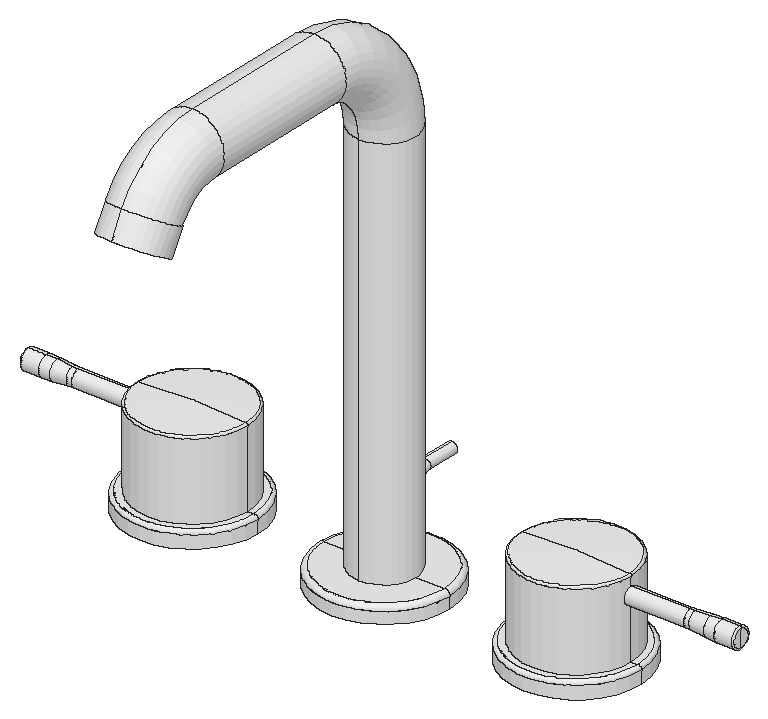
Revit family "Faucet-Lavatory-Grohe-Essence_New-20297_Series", category Plumbing Fixtures, Revit 2018
Family settings
  Round Connector Dimension = Use Diameter
  Part Type = Normal
  OmniClass Number = 23.45.55.17
  OmniClass Title = Mixing Faucets
  Work Plane-Based = Yes
  Always vertical = No
  Cut with Voids When Loaded = No
  Shared = Yes
  Room Calculation Point = No
Parameters (values of type "2029700A")
  cUPC Compliant = yes
  Waste Connection = no
  Warranty Information = "Limited Lifetime Warranty"  # constant formula
  Warranty Documentation Link = "https://cdn.cloud.grohe.com/tpi/1000/1900/1940/1949/1949006/original/1949006.pdf"
  WFU = 0
  Vent Connection = no
  URL = "https://www.grohe.us/"
  Revised Date = "26/05/2021"  # constant formula
  Product Page URL = "https://www.grohe.us/Widespread-Faucets/Essence-8-Inch-Widespread-Bathroom-Faucet-M-Size/GROHE-CHROME-2029700A"
  Product Documentation Link = "https://americanstandard.box.com/shared/static/fztvqxkycied6pqkmsgat6qdkszpqc3l.pdf"
  Price = "Prices may vary. Please consult Manufacturer Representative for most up-to-date price list."  # constant formula
  Model = "2029700A"
  Max. Working Pressure = "145 psi"  # constant formula
  Material = "Brass-Grohe-00A-StarLight Chrome"
  Manufacturer = "Grohe"
  Length = 4 1/2"  # constant formula
  Installation Type = "Deck-Mounted"
  Hot Water Connection Diameter = 1 1/4"  # constant formula
  Height = 7 5/8"  # constant formula
  Handle Distance Constraint [instance] = if(Handle Distance < 5 1/2", 5 1/2", if(Handle Distance > 22 1/2", 22 1/2", Handle Distance))  # 5 1/2"
  Handle Distance [instance] = 5 1/2"
  HWFU = 1.5  # constant formula
  HW Connection = yes
  Flow Rate = "1.2 gpm (4.56 L/min)"  # constant formula
  Finish = Brass-Grohe-00A-StarLight Chrome
  Description = "8-inch Widespread 2-Handle M-Size Bathroom Faucet 1.2 GPM"  # constant formula
  Default Elevation = 0"
  Creation Date = "01/23/2017"  # constant formula
  Cold Water Connection Diameter = 1 1/4"  # constant formula
  CWFU = 1.5  # constant formula
  CW Connection = yes
  Assembly Code = "D2020300"
  ADA Compliant = yes
Types (6): name | Product Page URL | Model | Material | Handle Distance Constraint | Handle Distance | Finish
  (no name) | "https://www.grohe.us/Widespread-Faucets/Essence-8-Inch-Widespread-Bathroom-Faucet-M-Size/GROHE-CHROME-2029700A" | "2029700A" | "Brass-Grohe-00A-StarLight Chrome" | 5 1/2" | 5 1/2" | Brass-Grohe-00A-StarLight Chrome
  20297GNA | "https://www.grohe.us/Widespread-Faucets/Essence-8-Inch-Widespread-Bathroom-Faucet-M-Size/GROHE-BRUSHED-COOL-SUNRISE-20297GNA" | "20297GNA" | "Brass-Grohe-GNA-Brushed Cool Sunrise" | 8" | 8" | Brass-Grohe-GNA-Brushed Cool Sunrise
  2029700A | "https://www.grohe.us/Widespread-Faucets/Essence-8-Inch-Widespread-Bathroom-Faucet-M-Size/GROHE-CHROME-2029700A" | "2029700A" | "Brass-Grohe-00A-StarLight Chrome" | 5 1/2" | 5 1/2" | Brass-Grohe-00A-StarLight Chrome
  20297A0A | "https://www.grohe.us/Widespread-Faucets/Essence-8-Inch-Widespread-Bathroom-Faucet-M-Size/GROHE-HARD-GRAPHITE-20297A0A" | "20297A0A" | "Brass-Grohe-A0A-Hard Graphite" | 8" | 8" | Brass-Grohe-A0A-Hard Graphite
  20297ENA | "https://www.grohe.us/Widespread-Faucets/Essence-8-Inch-Widespread-Bathroom-Faucet-M-Size/GROHE-BRUSHED-NICKEL-20297ENA" | "20297ENA" | "Brass-Grohe-ENA-Brushed Nickel Infinity Finish" | 8" | 8" | Brass-Grohe-ENA-Brushed Nickel Infinity Finish
  20297BEA | "https://www.grohe.us/Widespread-Faucets/Essence-8-Inch-Widespread-Bathroom-Faucet-M-Size/GROHE-POLISHED-NICKEL-20297BEA" | "20297BEA" | "Brass-Grohe-BEA-Polished Nickel Infinity Finish" | 8" | 8" | Brass-Grohe-BEA-Polished Nickel Infinity Finish
Reference planes (in)
  plane 1 "Center (Front/Back)": y = 0
  plane 2: z = 0
  plane 3 "Center (Left/Right)": x = 0
  plane 4: x = -2.75
  plane 5: x = 2.75
  plane 6: z = 7.625
  plane 7: z = 6.3125
  plane 8: x = -3.6875
  plane 9: x = -1.8125
  plane 10: x = -0.9375
  plane 11: x = 0.9375
  plane 12: z = 0.96877
  plane 13: y = 0.58071
  plane 14: x = 3.6875
  plane 15: x = 1.8125
  plane 16: z = 1.09427
  plane 17: z = 1.2126
  plane 18: z = 6.67717
  plane 19: z = 7.15108
  plane 20: y = -4.5
  plane 21: through (0, -4.5, 6.3125) normal (0, -0.866, 0.5)
  plane 22: y = -4.5
  plane 23: through (0, -4.34134, 6.58731) normal (0, -0.866, 0.5)
Forms (in)
  Revolve 1, solid, material "Brass-Grohe-00A-StarLight Chrome" <- "Finish"
    sketch origin (0, 0, 0) x (1, 0, 0) y (0, 0, 1)
      loop
        line (-3.53925, 0.23622) -> (-3.63473, 0.23622)
        arc (-3.63473, 0.23622) -> (-3.67204, 0.22076) -> (-3.6875, 0.18345) r 0.05277
        line (-3.6875, 0.18345) -> (-3.6875, 0) -> (-2.75, 0) -> (-2.75, 1.39471)
        arc (-2.75, 1.39471) -> (-3.13218, 1.38635) -> (-3.51362, 1.36109) r 8.64414
        arc (-3.51362, 1.36109) -> (-3.53188, 1.35207) -> (-3.53925, 1.33309) r 0.02811
        line (-3.53925, 1.33309) -> (-3.53925, 0.23622)
      axis (-2.75, 1.39471) -> (-2.75, 0)
    angle from 0 to 360
  Revolve 2, solid, material "Brass-Grohe-00A-StarLight Chrome" <- "Finish"
    sketch origin (0, 0, 0) x (1, 0, 0) y (0, 0, 1)
      loop
        line (0, 0.23622) -> (-0.8638, 0.23622)
        arc (-0.8638, 0.23622) -> (-0.91591, 0.21464) -> (-0.9375, 0.16252) r 0.0737
        line (-0.9375, 0.16252) -> (-0.9375, 0) -> (0, 0) -> (0, 0.23622)
      axis (0, 0.23622) -> (0, 0)
    angle from 0 to 360
  Sweep 3, solid, material "Brass-Grohe-00A-StarLight Chrome" <- "Finish"
    path origin (0, 0, 0) x (0, 1, 0) y (0, 0, 1)
      loop
        line (0, 0) -> (0, 5.90108)
        arc (0, 5.90108) -> (-0.36612, 6.78497) -> (-1.25, 7.15108) r 1.25
        line (-1.25, 7.15108) -> (-3.43384, 7.15108)
        arc (-3.43384, 7.15108) -> (-3.93787, 7.01603) -> (-4.30684, 6.64706) r 1.00805
        line (-4.30684, 6.64706) -> (-4.5, 6.3125)
    profile origin (0, 0, 2.95054) x (0, -1, 0) y (1, 0, 0)
      loop
        circle (0, 0) r 0.45267
  Sweep 4, solid, material "Brass-Grohe-00A-StarLight Chrome" <- "Finish"
    path origin (0, 0, 0) x (0, 1, 0) y (0, 0, 1)
      loop
        line (1.21055, 1.2126) -> (0.72835, 1.2126)
        arc (0.72835, 1.2126) -> (0.62395, 1.16935) -> (0.58071, 1.06495) r 0.14765
        line (0.58071, 1.06495) -> (0.58071, 0)
    profile origin (0, 0.96945, 1.2126) x (0, 0, -1) y (1, 0, 0)
      loop
        circle (0, 0) r 0.07813
  Revolve 5, solid, material "Brass-Grohe-00A-StarLight Chrome" <- "Finish"
    sketch origin (0, 0, 0) x (1, 0, 0) y (0, 0, 1)
      loop
        line (-5.11415, 1.09427) -> (-3.25627, 1.09427) -> (-3.25627, 1.21238) -> (-4.39099, 1.21238)
        arc (-4.39099, 1.21238) -> (-4.42694, 1.2131) -> (-4.46283, 1.21525) r 0.90281
        line (-4.46283, 1.21525) -> (-4.68491, 1.23298)
        arc (-4.68491, 1.23298) -> (-4.76324, 1.23766) -> (-4.8417, 1.23923) r 1.9702
        line (-4.8417, 1.23923) -> (-5.09373, 1.23923)
        arc (-5.09373, 1.23923) -> (-5.10817, 1.23325) -> (-5.11415, 1.21881) r 0.02041
        line (-5.11415, 1.21881) -> (-5.11415, 1.09427)
      axis (-5.11415, 1.09427) -> (-3.25627, 1.09427)
    angle from 0 to 360
  Revolve 6, solid, material "Brass-Grohe-00A-StarLight Chrome" <- "Finish"
    sketch origin (0, 0, 0) x (-1, 0, 0) y (0, 0, 1)
      loop
        line (-3.53925, 0.23622) -> (-3.63473, 0.23622)
        arc (-3.63473, 0.23622) -> (-3.67204, 0.22076) -> (-3.6875, 0.18345) r 0.05277
        line (-3.6875, 0.18345) -> (-3.6875, 0) -> (-2.75, 0) -> (-2.75, 1.39471)
        arc (-2.75, 1.39471) -> (-3.13218, 1.38635) -> (-3.51362, 1.36109) r 8.64414
        arc (-3.51362, 1.36109) -> (-3.53188, 1.35207) -> (-3.53925, 1.33309) r 0.02811
        line (-3.53925, 1.33309) -> (-3.53925, 0.23622)
      axis (-2.75, 1.39471) -> (-2.75, 0)
    angle from 0 to 360
  Revolve 7, solid, material "Brass-Grohe-00A-StarLight Chrome" <- "Finish"
    sketch origin (0, 0, 0) x (-1, 0, 0) y (0, 0, 1)
      loop
        line (-5.11415, 1.09427) -> (-3.25627, 1.09427) -> (-3.25627, 1.21238) -> (-4.39099, 1.21238)
        arc (-4.39099, 1.21238) -> (-4.42694, 1.2131) -> (-4.46283, 1.21525) r 0.90281
        line (-4.46283, 1.21525) -> (-4.68491, 1.23298)
        arc (-4.68491, 1.23298) -> (-4.76324, 1.23766) -> (-4.8417, 1.23923) r 1.9702
        line (-4.8417, 1.23923) -> (-5.09373, 1.23923)
        arc (-5.09373, 1.23923) -> (-5.10817, 1.23325) -> (-5.11415, 1.21881) r 0.02041
        line (-5.11415, 1.21881) -> (-5.11415, 1.09427)
      axis (-5.11415, 1.09427) -> (-3.25627, 1.09427)
    angle from 0 to 360
  Revolve 8, solid, material "Brass-Grohe-00A-StarLight Chrome" <- "Finish"
    sketch origin (0, 0.01893, 0.03278) x (0, 1, 0) y (0, 0, 1)
      loop
        line (-4.42807, 6.43708) -> (-4.72304, 6.60738) -> (-4.81893, 6.44129) -> (-4.79035, 6.42479) -> (-4.77349, 6.45398) -> (-4.74608, 6.43815) -> (-4.76294, 6.40896) -> (-4.73557, 6.39316) -> (-4.71872, 6.42235) -> (-4.69086, 6.40627) -> (-4.70772, 6.37708) -> (-4.68084, 6.36156) -> (-4.66398, 6.39075) -> (-4.63636, 6.3748) -> (-4.65321, 6.34561) -> (-4.62314, 6.32825) -> (-4.60629, 6.35744) -> (-4.57901, 6.34169) -> (-4.59586, 6.3125) -> (-4.52397, 6.27099) -> (-4.42807, 6.43708)
      axis (-4.42807, 6.43708) -> (-4.52397, 6.27099)
    angle from 0 to 360
Cuts and joins
  joined: Revolve 1, Revolve 2, Sweep 3, Sweep 4, Revolve 5, Revolve 6, Revolve 7, Revolve 8
Lines and regions (in)
  Masking region 1
    outline origin (0, 0, 0) x (1, 0, 0) y (0, 1, 0)
      loop
        arc (-3.67966, -0.12101) -> (-1.8125, 0) -> (-3.67966, 0.12101) r 0.9375
        line (-3.67966, 0.12101) -> (-4.43986, 0.12101) -> (-4.80243, 0.14636) -> (-5.11655, 0.14636) -> (-5.11655, -0.14636) -> (-4.80243, -0.14636) -> (-4.43986, -0.12101) -> (-3.67966, -0.12101)
      loop
        arc (0.45267, -0.82097) -> (0.91686, 0.19565) -> (0.07813, 0.93424) r 0.9375
        line (0.07813, 0.93424) -> (0.07813, 1.21055) -> (-0.07812, 1.21055) -> (-0.07812, 0.93424)
        arc (-0.07812, 0.93424) -> (-0.91686, 0.19565) -> (-0.45267, -0.82097) r 0.9375
        line (-0.45267, -0.82097) -> (-0.45267, -4.5)
        arc (-0.45267, -4.5) -> (0, -4.95267) -> (0.45267, -4.5) r 0.45267
        line (0.45267, -4.5) -> (0.45267, -0.82097)
      loop
        line (3.67966, -0.12101) -> (4.43986, -0.12101) -> (4.80243, -0.14636) -> (5.11655, -0.14636) -> (5.11655, 0.14636) -> (4.80243, 0.14636) -> (4.43986, 0.12101) -> (3.67966, 0.12101)
        arc (3.67966, 0.12101) -> (1.8125, 0) -> (3.67966, -0.12101) r 0.9375
  symbolic lines, detail levels medium+fine
    curve 1: arc (-3.52992, -0.12101, 0) -> (-1.96075, 0, 0) -> (-3.52992, 0.12101, 0) r 0.78925
    curve 2: arc (0.45267, 0, 0) -> (0, 0.45267, 0) -> (-0.45267, 0, 0) r 0.45267
    curve 3: arc (-0.07813, 0.58071, 0) -> (0, 0.50258, 0) -> (0.07812, 0.58071, 0) r 0.07812
    curve 4: line (-3.67966, 0.12101, 0) -> (-3.52992, 0.12101, 0)
    curve 5: line (-0.45267, 0, 0) -> (-0.45267, -0.82097, 0)
    curve 6: line (-0.07812, 0.58071, 0) -> (-0.07812, 0.93424, 0)
    curve 7: line (-3.67966, -0.12101, 0) -> (-3.52992, -0.12101, 0)
    curve 8: line (0.45267, 0, 0) -> (0.45267, -0.82097, 0)
    curve 9: line (0.07812, 0.58071, 0) -> (0.07812, 0.93424, 0)
    curve 11: arc (3.52992, -0.12101, 0) -> (1.96075, 0, 0) -> (3.52992, 0.12101, 0) r 0.78925
    curve 12: line (3.67966, 0.12101, 0) -> (3.52992, 0.12101, 0)
    curve 13: line (3.67966, -0.12101, 0) -> (3.52992, -0.12101, 0)
  symbolic lines, detail levels fine
    curve 10: arc (-3.52992, 0.12101, 0) -> (-3.53925, 0, 0) -> (-3.52992, -0.12101, 0) r 0.78925
    curve 14: arc (3.52992, 0.12101, 0) -> (3.53925, 0, 0) -> (3.52992, -0.12101, 0) r 0.78925
Dimensions and locks (in)
  equal spacing: plane 5, plane 3 "Center (Left/Right)", plane 4
  "Handle Distance Constraint": plane 5 to plane 4
  "Height": plane 6 to level
  locked: plane 7 to level at 6.3125
  equal spacing: plane 8, plane 4, plane 9
  equal spacing: plane 10, plane 3 "Center (Left/Right)", plane 11
  locked: plane 8 to plane 9 at 1.875
  equal spacing: plane 14, plane 5, plane 15
  locked: plane 14 to plane 15 at 1.875
  locked: plane 10 to plane 11 at 1.875
  "Length": plane 1 "Center (Front/Back)" to plane 22
  plane 7 to level = 6 5/16"
  plane 6 to level = 7 5/8"
  angle plane 20 to plane 21 = 30.00°
  locked: plane 22 to plane 23 (angle 30.00°)
  aligned and locked: Revolve 1 sketch curve to plane 4
  aligned and locked: Revolve 2 sketch curve to plane 3 "Center (Left/Right)"
  aligned and locked: plane 17 to Sweep 4 sketch curve
Automatic sketch dimensions
  plane 8 to Revolve 1 sketch curve = 0"
  Revolve 1 sketch curve to level = 0"
  Revolve 1 sketch curve to plane 4 = 0"
  Revolve 1 sketch curve to plane 8 = 0.05277"
  Revolve 1 sketch curve to plane 8 = 0.14825"
  Revolve 1 sketch curve to Revolve 1 sketch curve = 0.02811"
  Revolve 1 sketch curve to plane 4 = 0.00193"
  Revolve 1 sketch curve to level = 7.24943"
  level to Revolve 1 sketch curve = 0.18345"
  plane 16 to Revolve 1 sketch curve = 0.23882"
  plane 16 to Revolve 1 sketch curve = 0.30044"
  Revolve 1 sketch curve to Revolve 1 sketch curve = 0.64503"
  Revolve 1 sketch curve to Revolve 1 sketch curve = 1/4"
  plane 10 to Revolve 2 sketch curve = 0"
  Revolve 2 sketch curve to plane 3 "Center (Left/Right)" = 0"
  Revolve 2 sketch curve to level = 0"
  Revolve 2 sketch curve to plane 10 = 0.0737"
  level to Revolve 2 sketch curve = 0.16252"
  Revolve 2 sketch curve to Revolve 2 sketch curve = 0.19176"
  Revolve 2 sketch curve to Revolve 2 sketch curve = 0.03754"
  Sweep 3 sketch curve to plane 7 = 0"
  Sweep 3 sketch curve to plane 20 = 0"
  plane 21 to Sweep 3 sketch curve = 0"
  Sweep 3 sketch curve to plane 19 = 0"
  Sweep 3 sketch curve to plane 1 "Center (Front/Back)" = 0"
  Sweep 3 sketch curve to level = 0"
  Sweep 3 sketch curve to plane 18 = 0.03011"
  Sweep 3 sketch curve to plane 7 = 0.16947"
  Sweep 3 sketch curve to plane 7 = 0.41142"
  Sweep 3 sketch curve to plane 3 "Center (Left/Right)" = 0"
  Sweep 3 sketch curve to profile plane = 0"
  Sweep 4 sketch curve to level = 0"
  Sweep 4 sketch curve to plane 13 = 0"
  Sweep 4 sketch curve to plane 16 = 0.02932"
  Sweep 4 sketch curve to Sweep 4 sketch curve = 0.48219"
  Sweep 4 sketch curve to plane 3 "Center (Left/Right)" = 0"
  Sweep 4 sketch curve to profile plane = 0"
  Revolve 5 sketch curve to plane 16 = 0"  (x2)
  plane 8 to Revolve 5 sketch curve = 1.42665"
  Revolve 5 sketch curve to Revolve 5 sketch curve = 0.02041"
  plane 16 to Revolve 5 sketch curve = 0.14496"
  Revolve 5 sketch curve to Revolve 5 sketch curve = 0.25203"
  plane 16 to Revolve 5 sketch curve = 0.13871"
  Revolve 5 sketch curve to Revolve 5 sketch curve = 0.15679"
  plane 16 to Revolve 5 sketch curve = 0.12098"
  Revolve 5 sketch curve to Revolve 5 sketch curve = 0.22208"
  plane 8 to Revolve 5 sketch curve = 0.70349"
  Revolve 5 sketch curve to plane 8 = 0.43123"
  Revolve 5 sketch curve to Revolve 5 sketch curve = 0.11811"
  Revolve 5 sketch curve to Revolve 5 sketch curve = 0.03346"
  Revolve 5 sketch curve to Revolve 5 sketch curve = 0.20561"
  Revolve 6 sketch curve to plane 14 = 0"
  Revolve 6 sketch curve to level = 0"
  plane 5 to Revolve 6 sketch curve = 0"  (x2)
  Revolve 6 sketch curve to Revolve 6 sketch curve = 0.05277"
  plane 14 to Revolve 6 sketch curve = 0.14825"
  Revolve 6 sketch curve to Revolve 6 sketch curve = 0.02811"
  plane 5 to Revolve 6 sketch curve = 0.00193"
  level to Revolve 6 sketch curve = 7.24943"
  Revolve 6 sketch curve to level = 0.18345"
  Revolve 6 sketch curve to plane 16 = 0.23882"
  Revolve 6 sketch curve to plane 16 = 0.30044"
  Revolve 6 sketch curve to Revolve 6 sketch curve = 0.64503"
  Revolve 6 sketch curve to Revolve 6 sketch curve = 1/4"
  Revolve 7 sketch curve to plane 16 = 0"  (x2)
  Revolve 7 sketch curve to plane 14 = 1.42665"
  Revolve 7 sketch curve to Revolve 7 sketch curve = 0.02041"
  Revolve 7 sketch curve to plane 16 = 0.14496"
  Revolve 7 sketch curve to Revolve 7 sketch curve = 0.25203"
  Revolve 7 sketch curve to plane 16 = 0.13871"
  Revolve 7 sketch curve to Revolve 7 sketch curve = 0.15679"
  Revolve 7 sketch curve to plane 16 = 0.12098"
  Revolve 7 sketch curve to Revolve 7 sketch curve = 0.22208"
  Revolve 7 sketch curve to plane 14 = 0.70349"
  plane 14 to Revolve 7 sketch curve = 0.43123"
  Revolve 7 sketch curve to Revolve 7 sketch curve = 0.11811"
  Revolve 7 sketch curve to Revolve 7 sketch curve = 0.03346"
  Revolve 7 sketch curve to Revolve 7 sketch curve = 0.20561"
  Revolve 8 sketch curve to plane 23 = 0"  (x4)
  Revolve 8 sketch curve to plane 22 = 0.3"
  plane 7 to Revolve 8 sketch curve = 0.14507"
  Revolve 8 sketch curve to Revolve 8 sketch curve = 0.02858"
  plane 7 to Revolve 8 sketch curve = 0.17426"
  Revolve 8 sketch curve to Revolve 8 sketch curve = 0.02741"
  plane 7 to Revolve 8 sketch curve = 0.15844"
  plane 7 to Revolve 8 sketch curve = 0.11344"
  Revolve 8 sketch curve to Revolve 8 sketch curve = 0.05045"
  plane 7 to Revolve 8 sketch curve = 0.14264"
  Revolve 8 sketch curve to Revolve 8 sketch curve = 0.02785"
  plane 7 to Revolve 8 sketch curve = 0.12655"
  plane 7 to Revolve 8 sketch curve = 0.08184"
  plane 7 to Revolve 8 sketch curve = 0.11104"
  Revolve 8 sketch curve to Revolve 8 sketch curve = 0.02763"
  plane 7 to Revolve 8 sketch curve = 0.09508"
  plane 7 to Revolve 8 sketch curve = 0.04853"
  plane 7 to Revolve 8 sketch curve = 0.07772"
  plane 7 to Revolve 8 sketch curve = 0.03278"
  Revolve 8 sketch curve to Revolve 8 sketch curve = 0.02728"
  Revolve 8 sketch curve to plane 22 = 0.05464"
  Revolve 8 sketch curve to Revolve 8 sketch curve = 0.02891"
  plane 1 "Center (Front/Back)" to Masking region 1 sketch curve = 0"  (x3)
  Masking region 1 sketch curve to plane 4 = 0"
  Masking region 1 sketch curve to plane 22 = 0"
  Masking region 1 sketch curve to plane 3 "Center (Left/Right)" = 0"  (x2)
  Masking region 1 sketch curve to plane 5 = 0"
  Masking region 1 sketch curve to plane 8 = 0.00784"
  plane 1 "Center (Front/Back)" to Masking region 1 sketch curve = 0.12101"
  plane 8 to Masking region 1 sketch curve = 0.75236"
  Masking region 1 sketch curve to plane 1 "Center (Front/Back)" = 0.12101"  (x2)
  Masking region 1 sketch curve to Masking region 1 sketch curve = 0"  (x7)
  Masking region 1 sketch curve to plane 1 "Center (Front/Back)" = 0.14636"  (x2)
  Masking region 1 sketch curve to Masking region 1 sketch curve = 0.36257"  (x2)
  Masking region 1 sketch curve to Masking region 1 sketch curve = 0.31412"  (x2)
  Masking region 1 sketch curve to Masking region 1 sketch curve = 0.45267"
  Masking region 1 sketch curve to plane 3 "Center (Left/Right)" = 5/64"
  plane 3 "Center (Left/Right)" to Masking region 1 sketch curve = 5/64"
  Masking region 1 sketch curve to plane 14 = 0.00784"  (x2)
  plane 14 to Masking region 1 sketch curve = 0.75236"
  plane 1 "Center (Front/Back)" to Masking region 1 sketch curve = 0.14636"  (x2)
  Masking region 1 sketch curve to plane 13 = 0.62984"
  Masking region 1 sketch curve to Masking region 1 sketch curve = 0.27631"
  plane 1 "Center (Front/Back)" to Masking region 1 sketch curve = 0.82097"
  curve 1 to curve 10 = 0"  (x2)
  curve 11 to curve 14 = 0"  (x2)
  plane 1 "Center (Front/Back)" to curve 10 = 0"
  curve 10 to plane 4 = 0"
  plane 1 "Center (Front/Back)" to curve 5 = 0"
  plane 1 "Center (Front/Back)" to curve 2 = 0"
  plane 13 to curve 6 = 0"
  plane 13 to curve 3 = 0"
  curve 2 to plane 3 "Center (Left/Right)" = 0"
  curve 3 to plane 3 "Center (Left/Right)" = 0"
  plane 1 "Center (Front/Back)" to curve 14 = 0"
  curve 14 to plane 5 = 0"
  curve 7 to plane 8 = 0.15758"
  curve 3 to curve 9 = 5/64"
  curve 2 to curve 8 = 0.45267"
  curve 12 to plane 14 = 0.15758"
  plane 1 "Center (Front/Back)" to curve 13 = 0.12101"
  curve 13 to curve 12 = 0"
  plane 1 "Center (Front/Back)" to curve 7 = 0.12101"
  curve 1 to plane 1 "Center (Front/Back)" = 0.12101"
  curve 4 to curve 1 = 0"
  curve 4 to plane 8 = 0.00784"
  curve 7 to plane 8 = 0.00784"
  curve 13 to plane 14 = 0.00784"
  curve 12 to plane 14 = 0.00784"
  curve 5 to curve 5 = 0.82097"
  curve 8 to curve 8 = 0.82097"
  curve 6 to curve 6 = 0.35353"
  curve 6 to curve 9 = 0"
  radius of Sweep 3 sketch curve = 0.45267"
  radius of Sweep 4 sketch curve = 5/64"
Connectors (in)
  piping at (-2.75, 0, 0), diameter 1.25, driven by "HWFU", driven by "Hot Water Connection Diameter"
    settings: on cut or joined group of Revolve 1, Revolve 2, Sweep 3, Sweep 4, Revolve 5, Revolve 6, Revolve 7, Revolve 8, index 1, connector inside diameter 24", connector length 0", flow factor 0, pipe flow 0 GPM, pressure drop 0.00 psi, fitting loss kfactor 0, connector angle 0.00°, fixture units 1.5, engagement length 0", angle of deflection 0.00°, flow configuration 3, flow direction 1, fitting loss method 0, system type 19, joint type 0, gender type 0, connector reference index -1, connector utility 0, adjustable connector no, is connector primary yes, connector description "1 1/4\" NPT HW Inlet"
  piping at (2.75, 0, 0), diameter 1.25, driven by "CWFU", driven by "Cold Water Connection Diameter"
    settings: on cut or joined group of Revolve 1, Revolve 2, Sweep 3, Sweep 4, Revolve 5, Revolve 6, Revolve 7, Revolve 8, index 2, connector inside diameter 24", connector length 0", flow factor 0, pipe flow 0 GPM, pressure drop 0.00 psi, fitting loss kfactor 0, connector angle 0.00°, fixture units 1.5, engagement length 0", angle of deflection 0.00°, flow configuration 3, flow direction 1, fitting loss method 0, system type 20, joint type 0, gender type 0, connector reference index -1, connector utility 0, adjustable connector no, is connector primary no, connector description "1 1/4\" NPT CW Inlet"
